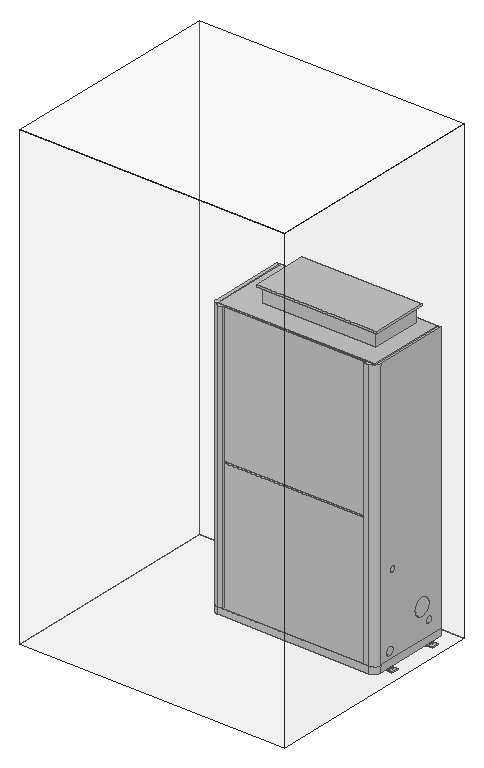
Revit family "pfav-p265_670dme3-f_50Hz", category 機械設備, Revit 2019
Family settings
  丸型コネクタ寸法 = 直径を使用
  パーツ タイプ = 標準
  OmniClass 番号 = 23.75.10.24.21.27.27
  OmniClass タイトル = Split System Air Conditioning Units
  作業面ベース = いいえ
  常に垂直 = はい
  ロード時にボイドで切り取り = いいえ
  共有 = いいえ
  部屋計算ポイント = いいえ
Parameters (values of type "PFAV-P265DME3-F")
  風量（m3／min） = 35
  風量 = MAX風量  # 2100 m³/h
  音響パワーレベル(dB) = 62
  電源種別 = ""
  電圧_電気ヒーター = 0 V
  電圧 = 200 V
  電動機出力_送風機 = 1500 W
  電動機出力_圧縮機 = 0 W
  運転質量 = 0.00 kg
  連動 = ""
  質量 = if(製品質量 > 運転質量, 製品質量, 運転質量) * 1.2  # 153.60 kg
  負荷分類 = 3_ファン類
  説明 = "設備用パッケージエアコン 空冷床置形・冷暖兼用 一般空調設備用オールフレッシュシリーズ"
  設計暖房能力 [instance] = 0 kW
  設計冷房能力_顕熱 [instance] = 0 kW
  設計冷房能力 [instance] = 0 kW
  設置方法 = "床置形"
  記号 [instance] = ""
  製造元 = "三菱電機株式会社"
  製品質量 = 128.00 kg
  製品出荷対象 = "国内"
  製品リリース年月 = ""
  製品グループ = ""
  系統 [instance] = ""
  符号 = "PAC-FRV(J)"
  積算_科目 = "1 空気調和設備"
  積算_拾い区分 [instance] = ""
  相_電気ヒーター = 1
  相 = 3
  盤記号 [instance] = ""
  発停方法 = ""
  特殊仕様 [instance] = ""
  火災停止 = ""
  消費電力_電気ヒーター = 0 W
  消費電力_暖房 = 380 W
  消費電力_加湿器 = 0 W
  消費電力_冷房 = 380 W
  消費電力 = if(消費電力_冷房 > 消費電力_暖房, 消費電力_冷房, 消費電力_暖房) + 消費電力_加湿器 + 消費電力_電気ヒーター  # 380 W
  法定耐用年数 = "15"
  機械基礎質量 [instance] = 0.00 kg
  機械基礎_W = 0 mm
  機械基礎_H = 0 mm
  機械基礎_D = 0 mm
  機械基礎 [instance] = no
  機外静圧 = 50.0 Pa
  極数 = 3
  材質 [instance] = ""
  本体マテリアル = none
  有効加湿量 = 0
  最小電線太さ_mm = 1.6
  最大電流値 = 6.5 A
  暖房能力 = 20 kW
  推奨ブレーカー容量 = 15 A
  後吸込ダクト高 = 300 mm
  後吸込ダクト幅 = 906 mm
  後吸込みダクト = 後吸込ダクト : P265DME3-F
  形式_加湿器 = ""
  形式 = "床置（露出）立形"
  形名 = PFAV-P-DME3-F : PFAV-P265DME3-F
  幹線記号 [instance] = ""
  始動方式 = "直入"
  呼称 = "パッケージ形空気調和機_室内機"
  周波数 = 50 Hz
  台数_手元リモコン [instance] = ""
  台数_冷媒分岐ユニット [instance] = ""
  参照している仕様書等のバージョン = "公共建築工事標準仕様書（機械設備工事編）平成31年度版"
  加湿給水管径 = 0.00 mm
  分類コード = "50053003083040"
  分類グループ = ""
  冷房能力 = 22.4 kW
  冷媒高低圧ガス管径 = 0.00 mm
  冷媒管径符号 = "Bd"
  冷媒管径 = 100.00 mm
  冷媒液管径 = 9.52 mm
  冷媒ガス管径 = 19.05 mm
  価格 = 0
  企業コード = "108420"
  付属品_フィルター = ""
  付属品 [instance] = ""
  仕様書バージョン = "Version1.0"
  モデル = "PFAV-P265DME3-F"
  ドレン管径 = 34.00 mm
  ダクト高 = 336 mm
  ダクト幅 = 715 mm
  サービススペース = yes
  コメント [instance] = ""
  Keynote = ""
  Width = 980 mm
  Version = ""
  Uniclass2015Version = "Systems v1.9"
  Uniclass2015Title = "Split coil remote air cooled condensing units"
  Uniclass2015Code = "Pr_70_65_03_84"
  URL = ""
  S寸法 = 150 mm
  SpecificationReference = ""
  SpecificationDescription = ""
  Revision = ""
  ProductInformation = ""
  OmniClassCode = "23-33 17 13 11"
  MAX風量 = 風量（m3／min） * 60 m³/h  # 2100 m³/h
  IfcTypeProduct = ""
  IfcProduct = ""
  IfcExportType = "AIRCONDITIONINGUNIT"
  IfcExportAs = "IfcUnitaryEquipmentType"
  Height = 1748 mm
  Depth = 485 mm
  Clearance Top = 1000 mm
  Clearance Right = 100 mm
  Clearance Left = 500 mm
  Clearance Front = 800 mm
  Clearance Back = 50 mm
  COP = 0
  Author = "三菱電機株式会社"
  APF = 0
Types (4, lengths in mm): name | 風量（m3／min） | 風量 | 音響パワーレベル(dB) | 電動機出力_送風機 | 質量 | 製品質量 | 消費電力_暖房 | 消費電力_冷房 | 消費電力 | 機外静圧 | 最大電流値 | 暖房能力 | 推奨ブレーカー容量 | 後吸込ダクト高 | 後吸込ダクト幅 | 後吸込みダクト | 形名 | 冷房能力 | 冷媒管径符号 | 冷媒液管径 | 冷媒ガス管径 | モデル | ドレン管径 | ダクト高 | ダクト幅 | Width | MAX風量 | Height | Depth | Clearance Left | Clearance Front
  PFAV-P265DME3-F | 35 | 2100 m³/h | 62 | 1500 W | 153.60 kg | 128.00 kg | 380 W | 380 W | 380 W | 50.0 Pa | 6.5 A | 20 kW | 15 A | 300 | 906 | 後吸込ダクト : P265DME3-F | PFAV-P-DME3-F : PFAV-P265DME3-F | 22.4 kW | "Bd" | 9.52 | 19.05 | "PFAV-P265DME3-F" | 34.00 | 336 | 715 | 980 | 2100 m³/h | 1748 | 485 | 500 | 800
  PFAV-P335DME3-F | 45 | 2700 m³/h | 65 | 1500 W | 182.40 kg | 152.00 kg | 390 W | 390 W | 390 W | 80.0 Pa | 6.5 A | 26.5 kW | 15 A | 300 | 1126 | 後吸込ダクト : P335DME3-F | PFAV-P-DME3-F : PFAV-P335DME3-F | 28 kW | "Bd" | 9.52 | 22.20 | "PFAV-P335DME3-F" | 34.00 | 336 | 895 | 1200 | 2700 m³/h | 1748 | 485 | 500 | 800
  PFAV-P530DME3-F | 70 | 4200 m³/h | 65 | 1500 W | 258.00 kg | 215.00 kg | 880 W | 880 W | 880 W | 110.0 Pa | 6.5 A | 40 kW | 15 A | 320 | 1126 | 後吸込ダクト : P530DME3-F | PFAV-P-DME3-F : PFAV-P530DME3-F | 45 kW | "Bd" | 12.70 | 28.58 | "PFAV-P530DME3-F" | 42.70 | 484 | 1046 | 1200 | 4200 m³/h | 1899 | 635 | 100 | 1000
  PFAV-P670DME3-F | 90 | 5400 m³/h | 68 | 2200 W | 306.00 kg | 255.00 kg | 830 W | 830 W | 830 W | 110.0 Pa | 9.5 A | 50 kW | 30 A | 320 | 1346 | 後吸込ダクト : P670DME3-F | PFAV-P-DME3-F : PFAV-P670DME3-F | 56 kW | "Dh" | 15.88 | 28.58 | "PFAV-P670DME3-F" | 42.70 | 484 | 1253 | 1420 | 5400 m³/h | 1899 | 635 | 100 | 1000
Reference planes
  plane 1: z = 0
  plane 2 "上": z = 1650
  plane 3: z = 1748
  plane 4: z = 0
  plane 5: z = 2748
  plane 6 "中心(正面/背面)": y = -242.5
  plane 7 "中心(左/右)": x = 0
  plane 8 "左": x = -490
  plane 9 "右": x = 490
  plane 10 "正面": y = -485
  plane 11 "背面": y = 0
  plane 12: y = 150
  plane 13: x = -640
  plane 14: y = -635
  plane 15: y = 50
  plane 16: y = -1285
  plane 17: x = -990
  plane 18: x = 590
  plane 19: x = 640
Dimensions and locks
  locked: plane 3 to plane 2 "上" at 98
  "Height": plane 3 to plane 4
  "Clearance Top": plane 5 to plane 3
  "機械基礎_H": plane 4 to plane 1
  equal spacing: plane 8 "左", plane 7 "中心(左/右)", plane 9 "右"
  "Width": plane 8 "左" to plane 9 "右"
  equal spacing: plane 10 "正面", plane 6 "中心(正面/背面)", plane 11 "背面"
  "Depth": plane 10 "正面" to plane 11 "背面"
  "S寸法": plane 11 "背面" to plane 12
  "S寸法": plane 14 to plane 10 "正面"
  "S寸法": plane 13 to plane 8 "左"
  "Clearance Left": plane 17 to plane 8 "左"
  "Clearance Right": plane 9 "右" to plane 18
  "Clearance Front": plane 16 to plane 10 "正面"
  "Clearance Back": plane 11 "背面" to plane 15
  "S寸法": plane 9 "右" to plane 19
  aligned and locked: level to plane 1
  aligned and locked: plane 18 to nested 1
  aligned and locked: plane 16 to nested 1
  aligned and locked: nested 1 to plane 17
  aligned and locked: nested 1 to plane 15
  aligned and locked: plane 7 "中心(左/右)" to nested 2
  aligned and locked: plane 6 "中心(正面/背面)" to nested 2
  aligned and locked: plane 5 to nested 1
  aligned and locked: plane 4 to nested 2
  aligned and locked: nested 2 to nested 3
Nested families
  nested 1: "サービススペース（pfav-p265_670dme3-f）" at (-200, -617.5, 1374), visible <- "サービススペース", type "サービススペース（pfav-p265_670dme3-f）"
    with Width 1580 mm, Height 2748 mm, Depth 1335 mm
  nested 2: "PFAV-P-DME3-F" at (0, -242.5, 0), マテリアル1 <- "本体マテリアル", type <- "形名", type "PFAV-P265DME3-F"
    with 表示 yes, マテリアル2 none, マテリアル1 none
  nested 3: "後吸込ダクト" at (0, -243, 0), visible <- "機械基礎", type <- "後吸込みダクト", type "P265DME3-F", detail levels fine
    with 表示 yes
Connectors
  hvac at (32.5, -187, 1748), driven by "ダクト高", driven by "ダクト幅", driven by "機外静圧", driven by "風量"
    settings: on nested 2, index 1, duct flow 2100 m³/h, flow factor 0, pres drop 50.0 Pa, loss coef 0, conn angle 0.00°, conn width 715 mm, conn height 336 mm, conn diameter 609.6 mm, duct sys type 1, conn prof type 1, flow config 1, flow direction 2, loss method 4, conn ref index -1, conn util no, is conn primary yes, conn desc ""
  piping at (493, -92, 130), diameter 34, driven by "ドレン管径"
    settings: on nested 2, index 2, connector inside diameter 609.60 mm, connector length 0 mm, flow factor 0, pipe flow 0.0 L/s, pressure drop 0.0 Pa, fitting loss kfactor 0, connector angle 0.00°, fixture units 0, engagement length 0 mm, angle of deflection 0.00°, flow configuration 1, flow direction 2, fitting loss method 4, system type 16, joint type 0, gender type 0, connector reference index -1, connector utility 0, adjustable connector no, is connector primary yes, connector description ""
  piping at (493, -145, 220), diameter 100, driven by "冷媒管径", driven by "冷媒管径符号"
    settings: on nested 2, index 3, connector inside diameter 609.60 mm, connector length 0 mm, flow factor 0, pipe flow 0.0 L/s, pressure drop 0.0 Pa, fitting loss kfactor 0, connector angle 0.00°, fixture units 0, engagement length 0 mm, angle of deflection 0.00°, flow configuration 1, flow direction 1, fitting loss method 4, system type 7, joint type 0, gender type 0, connector reference index -1, connector utility 0, adjustable connector no, is connector primary no, connector description "Bd"
  electrical at (493, -385, 90), driven by "極数", driven by "負荷分類", driven by "電圧", driven by "消費電力"
    settings: on nested 2, index 5, voltage 200 V, apparent load 380 VA, apparent load phase1 0 VA, apparent load phase2 0 VA, apparent load phase3 0 VA, power factor 1, load classification "3_ファン類", number of poles 3, system type 30, power factor state 1, is connector primary yes, connector utility no, sub classification motor no, connector description ""
  hvac at (0, 40, 323), driven by "後吸込ダクト高", driven by "後吸込ダクト幅", driven by "機外静圧", driven by "風量"
    settings: on nested 3, index 6, duct flow 2100 m³/h, flow factor 0, pres drop 50.0 Pa, loss coef 0, conn angle 0.00°, conn width 906 mm, conn height 300 mm, conn diameter 609.6 mm, duct sys type 2, conn prof type 1, flow config 1, flow direction 1, loss method 4, conn ref index -1, conn util no, is conn primary no, conn desc ""
Definition of nested family "サービススペース（pfav-p265_670dme3-f）"
  Parameters (values of type "サービススペース")
    Width [instance] = 500 mm
    Height [instance] = 500 mm
    Depth [instance] = 500 mm
  Reference planes
    plane 1 "中心(正面/背面)": y = 0
    plane 2: z = 0
    plane 3 "中心(左/右)": x = 0
    plane 4: y = -250
    plane 5: x = 250
    plane 6: y = 250
    plane 7: x = -250
    plane 8: z = 250
    plane 9: z = -250
  Forms (mm)
    Extrusion 1, solid
      sketch origin (-638.939, 0, 72.39) x (1, 0, 0) y (0, 1, 0)
        loop
          line (388.939, 250) -> (388.939, -250) -> (888.939, -250) -> (888.939, 250) -> (388.939, 250)
      from -322.39 to 177.61
  Lines and regions (mm)
    symbolic lines
      curve 1: line (-250, 0, 250) -> (250, 0, 250)
      curve 2: line (-250, 0, -250) -> (-250, 0, 250)
      curve 3: line (250, 0, -250) -> (-250, 0, -250)
      curve 4: line (250, 0, 250) -> (250, 0, -250)
      curve 5: line (0, -250, 250) -> (0, 250, 250)
      curve 6: line (0, -250, -250) -> (0, -250, 250)
      curve 7: line (0, 250, -250) -> (0, -250, -250)
      curve 8: line (0, 250, 250) -> (0, 250, -250)
      curve 9: line (-250, 250, 0) -> (250, 250, 0)
      curve 10: line (-250, -250, 0) -> (-250, 250, 0)
      curve 11: line (250, -250, 0) -> (-250, -250, 0)
      curve 12: line (250, 250, 0) -> (250, -250, 0)
  Dimensions and locks
    equal spacing: plane 7, plane 3 "中心(左/右)", plane 5
    equal spacing: plane 4, plane 1 "中心(正面/背面)", plane 6
    "Depth": plane 4 to plane 6
    "Width": plane 7 to plane 5
    equal spacing: plane 8, plane 2, plane 9
    "Height": plane 8 to plane 9
    aligned and locked: plane 9 to curve 3
    aligned and locked: plane 7 to curve 2
    aligned and locked: curve 4 to plane 5
    aligned and locked: plane 5 to Extrusion 1
    aligned and locked: Extrusion 1 to plane 7
    aligned and locked: Extrusion 1 to plane 9
    aligned and locked: plane 8 to Extrusion 1
    aligned and locked: plane 9 to curve 7
  Automatic sketch dimensions
    plane 4 to Extrusion 1 sketch curve = 0 mm
    Extrusion 1 sketch curve to plane 7 = 0 mm
    Extrusion 1 sketch curve to plane 5 = 0 mm
    plane 6 to Extrusion 1 sketch curve = 0 mm
    curve 2 to plane 8 = 0 mm
    plane 4 to curve 11 = 0 mm
    curve 11 to plane 7 = 0 mm
    curve 11 to plane 5 = 0 mm
    plane 6 to curve 10 = 0 mm
    curve 7 to plane 4 = 0 mm
    curve 7 to plane 6 = 0 mm
    curve 6 to plane 8 = 0 mm
Definition of nested family "PFAV-P-DME3-F"
  Parameters (values of type "PFAV-P265DME3-F")
    液径 = 9.52 mm
    液-W = 0 mm
    液-H = 225 mm
    液-D = 185 mm
    高 = 1650 mm
    電源径 = 43 mm
    電源-W = 0 mm
    電源-H = 90 mm
    電源-D = 385 mm
    表示 [instance] = yes
    幅 = 980 mm
    奥行 = 485 mm
    吊りボルト径 = 12 mm
    吊りボルト-W = 1014 mm
    吊りボルト-D = 300 mm
    吊りボルト-H = 0 mm
    加湿給水管径 = 27 mm
    加湿給水-W = 365 mm
    加湿給水-H = 520 mm
    加湿給水-D = 0 mm
    冷媒径 = 100 mm
    ガス径 = 19.05 mm
    ガス-W = 0 mm
    ガス-H = 215 mm
    ガス-D = 105 mm
    マテリアル2 [instance] = none
    マテリアル1 [instance] = none
    ドレン径 = 34 mm
    ドレン-W = 0 mm
    ドレン-H = 130 mm
    ドレン-D = 92 mm
    w = 675 mm
    h = 98 mm
    d = 296 mm
    b = 100 mm
    a = 19 mm
  Types (4, lengths in mm): name | 液径 | 液-H | 液-D | 高 | 電源径 | 電源-H | 電源-D | 幅 | 奥行 | 吊りボルト-W | 吊りボルト-D | 加湿給水-W | 加湿給水-H | ガス径 | ガス-H | ガス-D | ドレン-H | w | h | d | b | a
    PFAV-P670DME3-F | 15.88 | 296 | 118 | 1850 | 52 | 100 | 530 | 1420 | 635 | 1450 | 440 | 438 | 680 | 28.58 | 296 | 238 | 169 | 1213 | 49 | 444 | 83.5 | 21
    PFAV-P530DME3-F | 12.7 | 296 | 118 | 1850 | 52 | 100 | 530 | 1200 | 635 | 1230 | 440 | 438 | 680 | 28.58 | 296 | 238 | 169 | 1006 | 49 | 444 | 82 | 21
    PFAV-P335DME3-F | 9.52 | 225 | 185 | 1650 | 43 | 90 | 385 | 1200 | 485 | 1234 | 300 | 365 | 520 | 22.2 | 215 | 105 | 130 | 855 | 98 | 296 | 152 | 19
    PFAV-P265DME3-F | 9.52 | 225 | 185 | 1650 | 43 | 90 | 385 | 980 | 485 | 1014 | 300 | 365 | 520 | 19.05 | 215 | 105 | 130 | 675 | 98 | 296 | 100 | 19
  Reference planes
    plane 1 "中心(正面/背面)": y = 0
    plane 2: z = 0
    plane 3 "中心(左/右)": x = 0
    plane 4: x = 490
    plane 5: x = -490
    plane 6: y = 242.5
    plane 7: y = -242.5
    plane 8: z = 1748
    plane 9: z = 830
    plane 10: z = 1650
    plane 11: z = 40
    plane 12: y = 150
    plane 13: y = -150
    plane 14: x = 507
    plane 15: x = -507
    plane 16: y = 223.5
    plane 17: y = -162.5
    plane 18: z = 130
    plane 19: z = 90
    plane 20: y = 57.5
    plane 21: z = 225
    plane 22: z = 215
    plane 23: z = 1738
    plane 24: y = 137.5
    plane 25: x = 470
    plane 26: x = -470
    plane 27: z = 820
    plane 28: y = -222.5
    plane 29: x = -420
    plane 30: x = 420
    plane 31: y = -239.5
    plane 32: x = 530
    plane 33: x = -530
    plane 34: y = 170
    plane 35: y = 130
    plane 36: y = -130
    plane 37: y = -170
    plane 38: y = 203.5
    plane 39: z = 5
    plane 40: x = 390
    plane 41: x = 370
    plane 42: x = -305
    plane 43: x = -325
    plane 44: y = -112.5
    plane 45: y = -92.5
    plane 46: y = 150.5
    plane 47: y = -142.5
    plane 48: x = 493
    plane 49: y = 97.5
    plane 50: z = 220
    plane 51: y = -122.5
    plane 52: z = 520
  Forms (mm)
    Extrusion 1, solid, material <- "マテリアル1", visible <- "表示", detail levels fine
      sketch origin (0, 0, -400) x (1, 0, 0) y (0, 1, 0)
        loop
          line (420, -222.5) -> (-420, -222.5) -> (-420, -239.5) -> (420, -239.5) -> (420, -222.5)
      from 1230 to 2050
    Extrusion 2, solid, material <- "マテリアル1", visible <- "表示", detail levels fine
      sketch origin (0, 0, -800) x (1, 0, 0) y (0, 1, 0)
        loop
          line (-420, -239.5) -> (420, -239.5) -> (420, -222.5) -> (-420, -222.5) -> (-420, -239.5)
      from 840 to 1620
    Extrusion 3, solid, material <- "マテリアル2", visible <- "表示", detail levels fine
      sketch origin (0, 0, 0) x (1, 0, 0) y (0, 1, 0)
        loop
          line (490, 170) -> (490, 130) -> (530, 130) -> (530, 170) -> (490, 170)
        loop
          line (490, -130) -> (490, -170) -> (530, -170) -> (530, -130) -> (490, -130)
        loop
          line (-530, 170) -> (-530, 130) -> (-490, 130) -> (-490, 170) -> (-530, 170)
        loop
          line (-530, -130) -> (-530, -170) -> (-490, -170) -> (-490, -130) -> (-530, -130)
        loop
          circle (-507, 150) r 6
        loop
          circle (507, 150) r 6
        loop
          circle (507, -150) r 6
        loop
          circle (-507, -150) r 6
      from 0 to 5
    Extrusion 4, solid, material <- "マテリアル2", visible <- "表示", detail levels fine
      sketch origin (0, -1140, 0) x (0, -1, 0) y (1, 0, 0)
        loop
          line (-1343.5, 370) -> (-1343.5, -305) -> (-1047.5, -305) -> (-1047.5, 370) -> (-1343.5, 370)
      from 1650 to 1738
    Extrusion 5, solid, material <- "マテリアル2", visible <- "表示", detail levels fine
      sketch origin (0, -1140, -430) x (0, -1, 0) y (1, 0, 0)
        loop
          line (-1363.5, 390) -> (-1363.5, -325) -> (-1027.5, -325) -> (-1027.5, 390) -> (-1363.5, 390)
      from 2168 to 2178
    Extrusion 6, solid, material <- "マテリアル1", visible <- "表示", detail levels fine
      sketch origin (-1437.329, -1524, 1748) x (-1, 0, 0) y (0, -1, 0)
        loop
          line (-947.329, -1766.5) -> (-947.329, -1321.5)
          arc (-947.329, -1321.5) -> (-959.045, -1293.216) -> (-987.329, -1281.5) r 40
          line (-987.329, -1281.5) -> (-1017.329, -1281.5) -> (-1017.329, -1301.5) -> (-967.329, -1301.5) -> (-967.329, -1766.5) -> (-947.329, -1766.5)
        loop
          line (-1907.329, -1766.5) -> (-1907.329, -1301.5) -> (-1857.329, -1301.5) -> (-1857.329, -1281.5) -> (-1887.329, -1281.5)
          arc (-1887.329, -1281.5) -> (-1915.614, -1293.216) -> (-1927.329, -1321.5) r 40
          line (-1927.329, -1321.5) -> (-1927.329, -1766.5) -> (-1907.329, -1766.5)
      from -1708 to -98
    Extrusion 7, solid, material <- "マテリアル1", visible <- "表示", detail levels fine
      sketch origin (-1437.329, -1524, 1748) x (-1, 0, 0) y (0, -1, 0)
        loop
          line (-1907.329, -1766.5) -> (-967.329, -1766.5) -> (-967.329, -1301.5) -> (-1907.329, -1301.5) -> (-1907.329, -1766.5)
      from -1708 to -98
    Extrusion 8, solid, material <- "マテリアル2", visible <- "表示", detail levels fine
      sketch origin (-1437.329, -1524, 1748) x (-1, 0, 0) y (0, -1, 0)
        loop
          line (-947.329, -1766.5) -> (-947.329, -1321.5)
          arc (-947.329, -1321.5) -> (-959.045, -1293.216) -> (-987.329, -1281.5) r 40
          line (-987.329, -1281.5) -> (-1887.329, -1281.5)
          arc (-1887.329, -1281.5) -> (-1915.614, -1293.216) -> (-1927.329, -1321.5) r 40
          line (-1927.329, -1321.5) -> (-1927.329, -1766.5) -> (-947.329, -1766.5)
      from -1748 to -1708
    Extrusion 9, solid, material <- "マテリアル2", visible <- "表示", detail levels fine
      sketch origin (490, 1296.25, 1200) x (0, 1, 0) y (0, 0, 1)
        loop
          circle (-1438.75, -1110) r 21.5
        loop
          circle (-1145.75, -1070) r 17
        loop
          circle (-1418.75, -680) r 13.5
      from 0 to 3
    Extrusion 10, solid, material <- "マテリアル1", visible <- "表示", detail levels fine
      sketch origin (490, 1296.25, 1200) x (0, 1, 0) y (0, 0, 1)
        loop
          circle (-1198.75, -980) r 50
      from 0 to 3
  Lines and regions (mm)
    Masking region 1, visible <- "表示", detail levels coarse+medium
      outline origin (0, 0, 0) x (1, 0, 0) y (0, 1, 0)
        loop
          line (-490, 242.5) -> (-490, -242.5) -> (490, -242.5) -> (490, 242.5) -> (-490, 242.5)
    symbolic lines, visible <- "表示"
      curve 1: line (-490, 242.5, 1748) -> (-490, -242.5, 1748)
      curve 2: line (-490, -242.5, 1748) -> (490, -242.5, 1748)
      curve 3: line (490, -242.5, 1748) -> (490, 242.5, 1748)
      curve 4: line (490, 242.5, 1748) -> (-490, 242.5, 1748)
      curve 5: line (-325, 223.5, 1748) -> (-325, -112.5, 1748)
      curve 6: line (-325, -112.5, 1748) -> (390, -112.5, 1748)
      curve 7: line (390, -112.5, 1748) -> (390, 223.5, 1748)
      curve 8: line (390, 223.5, 1748) -> (-325, 223.5, 1748)
  Dimensions and locks
    equal spacing: plane 7, plane 1 "中心(正面/背面)", plane 6
    "奥行": plane 7 to plane 6
    equal spacing: plane 5, plane 3 "中心(左/右)", plane 4
    "幅": plane 5 to plane 4
    locked: plane 11 to level at 40
    equal spacing: plane 13, plane 1 "中心(正面/背面)", plane 12
    "吊りボルト-D": plane 13 to plane 12
    equal spacing: plane 15, plane 3 "中心(左/右)", plane 14
    "吊りボルト-W": plane 15 to plane 14
    "a": plane 16 to plane 6
    locked: plane 7 to plane 17 at 80
    "ドレン-H": plane 18 to level
    "電源-H": plane 19 to level
    "液-H": plane 21 to level
    locked: plane 10 to plane 9 at 820
    "ガス-H": plane 22 to level
    "h": plane 8 to plane 10
    locked: plane 8 to plane 23 at 10
    locked: plane 5 to plane 26 at 20
    locked: plane 25 to plane 4 at 20
    locked: plane 9 to plane 27 at 10
    locked: plane 7 to plane 28 at 20
    locked: plane 26 to plane 29 at 50
    locked: plane 30 to plane 25 at 50
    locked: plane 7 to plane 31 at 3
    locked: plane 33 to plane 5 at 40
    locked: plane 4 to plane 32 at 40
    plane 37 to plane 13 to plane 36 = 20 mm locked, 20 mm locked
    plane 35 to plane 12 to plane 34 = 20 mm locked, 20 mm locked
    locked: plane 38 to plane 16 at 20
    locked: plane 39 to level at 5
    "b": plane 40 to plane 4
    locked: plane 43 to plane 42 at 20
    locked: plane 41 to plane 40 at 20
    "w": plane 42 to plane 41
    locked: plane 44 to plane 45 at 20
    "d": plane 45 to plane 38
    "高": plane 10 to level
    "液-D": plane 20 to plane 6
    "ガス-D": plane 24 to plane 6
    "ドレン-D": plane 46 to plane 6
    "電源-D": plane 47 to plane 6
    locked: plane 4 to plane 48 at 3
    equal spacing: plane 20, plane 49, plane 24
    equal spacing: plane 21, plane 50, plane 22
    "加湿給水-W": plane 51 to plane 6
    "加湿給水-H": plane 52 to level
    radius of Extrusion 6 sketch curve = 40 mm  (x2)
    "吊りボルト径": diameter of Extrusion 3 sketch curve  (x4)
    "ドレン径": diameter of Extrusion 9 sketch curve
    "電源径": diameter of Extrusion 9 sketch curve
    "冷媒径": diameter of Extrusion 10 sketch curve
    "加湿給水管径": diameter of Extrusion 9 sketch curve
    aligned and locked: level to plane 2
    aligned and locked: plane 13 to nested 1
    aligned and locked: plane 14 to nested 1
    aligned and locked: plane 15 to nested 1
    aligned and locked: nested 1 to plane 12
    aligned and locked: Extrusion 2 to plane 11
    aligned and locked: Extrusion 1 to plane 9
    aligned and locked: Extrusion 5 to plane 23
    aligned and locked: plane 8 to Extrusion 5
    aligned and locked: Extrusion 6 to plane 11
    aligned and locked: Extrusion 4 to Extrusion 5
    aligned and locked: Extrusion 4 to plane 10
    aligned and locked: plane 10 to Extrusion 6
    aligned and locked: plane 10 to Extrusion 1
    aligned and locked: plane 27 to Extrusion 2
    aligned and locked: Extrusion 2 sketch curve to plane 28
    aligned and locked: Extrusion 6 sketch curve to plane 7
    aligned and locked: Extrusion 6 sketch curve to plane 29
    aligned and locked: Extrusion 6 sketch curve to plane 30
    aligned and locked: Extrusion 6 sketch curve to plane 25
    aligned and locked: plane 28 to Extrusion 6 sketch curve  (x2)
    aligned and locked: Extrusion 2 sketch curve to plane 29
    aligned and locked: Extrusion 2 sketch curve to plane 30
    aligned and locked: plane 31 to Extrusion 2 sketch curve
    aligned and locked: Extrusion 1 sketch curve to plane 30
    aligned and locked: Extrusion 1 sketch curve to plane 29
    aligned and locked: Extrusion 1 sketch curve to plane 28
    aligned and locked: Extrusion 1 sketch curve to plane 31
    aligned and locked: Extrusion 7 sketch curve to plane 6
    aligned and locked: Extrusion 7 sketch curve to plane 26
    aligned and locked: Extrusion 7 sketch curve to plane 28
    aligned and locked: Extrusion 7 sketch curve to plane 25
    aligned and locked: plane 10 to Extrusion 7
    aligned and locked: Extrusion 7 to plane 11
    aligned and locked: plane 34 to Extrusion 3 sketch curve  (x2)
    aligned and locked: plane 4 to Extrusion 3 sketch curve  (x2)
    aligned and locked: Extrusion 3 sketch curve to plane 35  (x2)
    aligned and locked: Extrusion 3 sketch curve to plane 32  (x2)
    aligned and locked: plane 36 to Extrusion 3 sketch curve  (x2)
    aligned and locked: Extrusion 3 sketch curve to plane 37  (x2)
    aligned and locked: plane 33 to Extrusion 3 sketch curve  (x2)
    aligned and locked: Extrusion 3 sketch curve to plane 5  (x2)
    aligned and locked: plane 12 to Extrusion 3 sketch curve  (x2)
    aligned and locked: plane 15 to Extrusion 3 sketch curve  (x2)
    aligned and locked: plane 13 to Extrusion 3 sketch curve  (x2)
    aligned and locked: plane 14 to Extrusion 3 sketch curve  (x2)
    aligned and locked: Extrusion 3 to level
    aligned and locked: plane 39 to Extrusion 3
    aligned and locked: Extrusion 8 sketch curve to Extrusion 6  (x3)
    aligned and locked: Extrusion 8 sketch curve to Extrusion 7
    aligned and locked: Extrusion 8 to level
    aligned and locked: plane 11 to Extrusion 8
    aligned and locked: Extrusion 4 sketch curve to plane 38
    aligned and locked: Extrusion 4 sketch curve to plane 45
    aligned and locked: Extrusion 4 sketch curve to plane 41
    aligned and locked: Extrusion 4 sketch curve to plane 42
    aligned and locked: Extrusion 5 sketch curve to plane 40
    aligned and locked: Extrusion 5 sketch curve to plane 16
    aligned and locked: Extrusion 5 sketch curve to plane 44
    aligned and locked: Extrusion 5 sketch curve to plane 43
    aligned and locked: Masking region 1 sketch curve to Extrusion 8
    aligned and locked: Masking region 1 sketch curve to Extrusion 6
    aligned and locked: Masking region 1 sketch curve to plane 7
    aligned and locked: Masking region 1 sketch curve to plane 4
    aligned and locked: curve 1 to Masking region 1
    aligned and locked: curve 3 to Masking region 1
    aligned and locked: curve 4 to Masking region 1
    aligned and locked: curve 5 to Extrusion 5
    aligned and locked: curve 6 to Extrusion 5
    aligned and locked: curve 7 to Extrusion 5
    aligned and locked: curve 8 to Extrusion 5
    aligned and locked: plane 18 to Extrusion 9 sketch curve
    aligned and locked: plane 46 to Extrusion 9 sketch curve
    aligned and locked: plane 47 to Extrusion 9 sketch curve
    aligned and locked: plane 19 to Extrusion 9 sketch curve
    aligned and locked: Extrusion 9 to plane 4
    aligned and locked: plane 48 to Extrusion 9
    aligned and locked: plane 49 to Extrusion 10 sketch curve
    aligned and locked: plane 50 to Extrusion 10 sketch curve
    aligned and locked: Extrusion 10 to plane 4
    aligned and locked: plane 48 to Extrusion 10
    aligned and locked: plane 52 to Extrusion 9 sketch curve
    aligned and locked: plane 51 to Extrusion 9 sketch curve
  Automatic sketch dimensions
    Extrusion 6 sketch curve to plane 26 = 0 mm
    plane 7 to Extrusion 6 sketch curve = 0 mm
    Extrusion 6 sketch curve to plane 4 = 0 mm
    Extrusion 6 sketch curve to plane 5 = 0 mm
    plane 6 to Extrusion 6 sketch curve = 0 mm  (x2)
    plane 28 to Extrusion 2 sketch curve = 0 mm
    plane 7 to curve 2 = 0 mm
  Nested families
    nested 1: "固定点" at (-507, -150, 0), visible <- "表示", type "固定点", detail levels fine
      with W 1014 mm, D 300 mm, 中心円 12 mm
  Definition of nested family "固定点"
    Parameters (values of type "固定点")
      中心円 = 20 mm
      W [instance] = 1000 mm
      D [instance] = 1000 mm
    Reference planes
      plane 1 "中心(正面/背面)": y = 0
      plane 2: z = 0
      plane 3 "中心(左/右)": x = 0
      plane 4: x = 1000
      plane 5: y = 1000
    Lines and regions (mm)
      symbolic lines, detail levels fine
        curve 1: circle (0, 1000, 0) r 10 normal (0, 0, 1)
        curve 2: circle (0, 0, 0) r 10 normal (0, 0, 1)
        curve 3: circle (1000, 1000, 0) r 10 normal (0, 0, 1)
        curve 4: circle (1000, 0, 0) r 10 normal (0, 0, 1)
        curve 5: line (-200, 1000, 0) -> (1200, 1000, 0)
        curve 6: line (-200, 0, 0) -> (1200, 0, 0)
        curve 7: line (0, 1200, 0) -> (0, -200, 0)
        curve 8: line (1000, 1200, 0) -> (1000, -200, 0)
    Dimensions and locks
      "W": plane 3 "中心(左/右)" to plane 4
      "D": plane 1 "中心(正面/背面)" to plane 5
      "中心円": diameter of curve 1
      "中心円": diameter of curve 2
      "中心円": diameter of curve 3
      "中心円": diameter of curve 4
      aligned and locked: level to plane 2
      aligned and locked: plane 5 to curve 1
      aligned and locked: plane 3 "中心(左/右)" to curve 1
      aligned and locked: plane 3 "中心(左/右)" to curve 2
      aligned and locked: plane 1 "中心(正面/背面)" to curve 2
      aligned and locked: plane 4 to curve 3
      aligned and locked: plane 5 to curve 3
      aligned and locked: plane 1 "中心(正面/背面)" to curve 4
      aligned and locked: plane 4 to curve 4
      aligned and locked: plane 1 "中心(正面/背面)" to curve 6
      aligned and locked: curve 7 to plane 3 "中心(左/右)"
      aligned and locked: curve 8 to plane 4
    Automatic sketch dimensions
      curve 5 to plane 5 = 0 mm
      curve 6 to plane 3 "中心(左/右)" = 200 mm
      curve 5 to plane 3 "中心(左/右)" = 200 mm
      curve 4 to curve 6 = 200 mm
      curve 3 to curve 5 = 200 mm
      plane 1 "中心(正面/背面)" to curve 8 = 200 mm
      plane 1 "中心(正面/背面)" to curve 7 = 200 mm
      curve 3 to curve 8 = 200 mm
      curve 1 to curve 7 = 200 mm
Definition of nested family "後吸込ダクト"
  Parameters (values of type "P265DME3-F")
    表示 [instance] = yes
    w = 906 mm
    床-h = 173 mm
    h = 300 mm
  Types (4, lengths in mm): name | w | 床-h | h
    P670DME3-F | 1346 | 224 | 320
    P530DME3-F | 1126 | 224 | 320
    P335DME3-F | 1126 | 173 | 300
    P265DME3-F | 906 | 173 | 300
  Reference planes
    plane 1 "中心(正面/背面)": y = 0
    plane 2: z = 0
    plane 3 "中心(左/右)": x = 0
    plane 4: z = 173
    plane 5: z = 473
    plane 6: x = -453
    plane 7: x = 453
    plane 8: y = 243
    plane 9: y = 283
  Forms (mm)
    Extrusion 1, solid, detail levels fine
      sketch origin (1480.036, 283, 2000) x (1, 0, 0) y (0, 0, 1)
        loop
          line (-1933.036, -1527) -> (-1933.036, -1827) -> (-1027.036, -1827) -> (-1027.036, -1527) -> (-1933.036, -1527)
      from 0 to 40
  Dimensions and locks
    equal spacing: plane 7, plane 3 "中心(左/右)", plane 6
    "w": plane 7 to plane 6
    "床-h": plane 4 to level
    "h": plane 5 to plane 4
    aligned and locked: level to plane 2
    aligned and locked: Extrusion 1 to plane 6
    aligned and locked: plane 7 to Extrusion 1
    aligned and locked: Extrusion 1 to plane 4
    aligned and locked: plane 5 to Extrusion 1
  Automatic sketch dimensions
    Extrusion 1 sketch curve to plane 4 = 0 mm
    Extrusion 1 sketch curve to plane 6 = 0 mm
    Extrusion 1 sketch curve to plane 7 = 0 mm
    Extrusion 1 sketch curve to plane 5 = 0 mm
